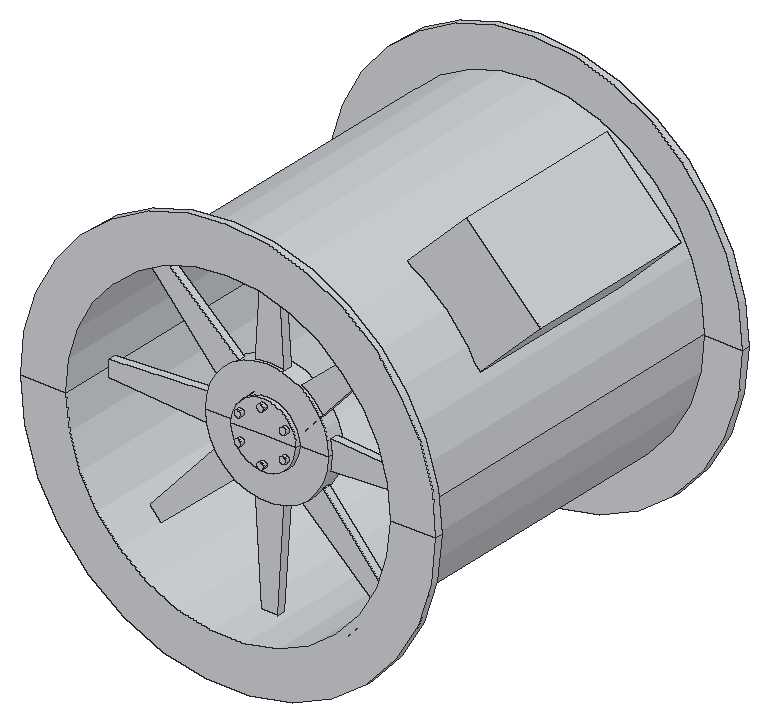
Revit family "CADS_Vent-Axia_MechEquip_Fan_LCA_250_3Ph4P - SUPPLY", category Mechanical Equipment, Revit 2020
Family settings
  Round Connector Dimension = Use Diameter
  Part Type = Normal
  OmniClass Number = 23.75.00.00
  OmniClass Title = Climate Control (HVAC)
  Work Plane-Based = No
  Always vertical = Yes
  Cut with Voids When Loaded = No
  Shared = No
  Room Calculation Point = No
Parameters (values of type "LCA253425")
  nr = NominalDiameter / 2  # 125 mm
  WorkingPressure = 0.0 Pa
  WarrantyStartDate [instance] = "1900-12-31T23:59:59"
  WarrantyPeriod = ""
  WarrantyIdentifier = "N/A"
  WarrantyGuarantorParts = "tech@vent-axia.com"
  WarrantyGuarantorLabor = "tech@vent-axia.com"
  WarrantyGuarantor = "Vent-Axia Limited"
  WarrantyEndDate [instance] = "1900-12-31T23:59:59"
  WarrantyContent = ""
  TemperatureRange = ""
  TagNumber [instance] = "N/A"
  SustainabilityPerformance = ""
  Status = "New"
  Size = ""
  Shape = ""
  ServiceLifeType = ""
  ServiceLifeDuration = ""
  SerialNumber [instance] = "N/A"
  ReplacementCost = ""
  RatedVoltage = 0 V
  RatedCurrent = 0 A
  Quantity = 1
  ProductionYear = ""
  PressureCurve = ""
  PowerFactor = ""
  PointOfContact = ""
  NumberOfPoles = 0
  NominalWidth = 250 mm
  NominalLength = 300 mm
  NominalHeight = 250 mm
  NominalFrequencyRange = ""
  NominalDiameter = 250 mm
  ModelReference = "LCAX 250mm 3PH 4P 25DEG"
  ModelNumber = "LCA253425"
  Material = ""
  ManufacturerE-Mail = "tech@vent-axia.com"
  ManufacturerAddress = "Fleming Way\nCrawley \nRH10 9YX"
  IsExtendedWarranty = no
  InsulationStandardClass = ""
  InstallationDate [instance] = "1900-12-31T23:59:59"
  IfcExportType [instance] = ""
  IfcExportAs = "IfcFanType"
  IP_Code = ""
  HasProtectiveEarth = no
  GrossWeight = 0.00 kg
  Grade = ""
  GlobalTradeItemNumber [instance] = "N/A"
  Fitting Type = "Ignore"
  Finish = ""
  Features = ""
  ExteriorInsulation = no
  ExpectedServiceLife = 0
  Exclusions = ""
  DurationUnit = "Year"
  Default Elevation = 0 mm
  Constituents = ""
  ConductorFunction = ""
  Color = ""
  CodePerformance = ""
  Category = ""
  CADS_Usage = 0
  CADS_Index = 0
  AssetType = "FIXED"
  AssetIdentifier [instance] = "N/A"
  AssemblyPlace = "UNKNOWN"
  ArticleNumber [instance] = "N/A"
  AirflowRateRange = 0.0 L/s
  Air Flow [instance] = 0.0 L/s
  AccessibilityPerformance = ""
Types (5, lengths in mm): name | ModelReference | ModelNumber
  LCA253425 | "LCAX 250mm 3PH 4P 25DEG" | "LCA253425"
  LCA253430 | "LCAX 250mm 3PH 4P 30DEG" | "LCA253430"
  LCA253435 | "LCAX 250mm 3PH 4P 35DEG" | "LCA253435"
  LCA253440 | "LCAX 250mm 3PH 4P 40DEG" | "LCA253440"
  LCA253445 | "LCAX 250mm 3PH 4P 45DEG" | "LCA253445"
Reference planes
  plane 1 "Center (Front/Back)": y = 0
  plane 2: z = 0
  plane 3 "Center (Left/Right)": x = 0
  plane 4: x = -125
  plane 5: x = 125
  plane 6 "F": y = -150
  plane 7 "B": y = 150
  plane 8: x = -160
  plane 9: y = 145
  plane 10: y = -145
  plane 11: x = -130
  plane 12: y = -110
  plane 13 "top": z = 125
  plane 14: z = -125
  plane 15 "45deg": through (0, -1524, 0) normal (-0.7071, 0, -0.7071)
  plane 16 "C": through (0, -1524, 0) normal (-0.7071, 0, 0.7071)
Forms (mm)
  Revolve 1, solid
    sketch origin (0, 0, 0) x (1, 0, 0) y (0, 1, 0)
      loop
        line (-160, -150) -> (-125, -150) -> (-125, 150) -> (-160, 150) -> (-160, 145) -> (-130, 145) -> (-130, -145) -> (-160, -145) -> (-160, -150)
      axis (0, 150) -> (0, -150)
    angle from 0 to 360
  Sweep 2, solid
    path origin (0, 0, 0) x (1, 0, 0) y (0, 0, 1)
      loop
        line (88.388, 88.388) -> (134.35, 134.35)
    profile origin (111.369, 0, 111.369) x (-0.707107, 0, 0.707107) y (0, -1, 0)
      loop
        line (37.5, 55) -> (-42.73, 55) -> (-42.73, -79.5) -> (37.5, -79.5) -> (37.5, 55)
Dimensions and locks
  equal spacing: plane 4, plane 3 "Center (Left/Right)", plane 5
  equal spacing: plane 7 "B", plane 1 "Center (Front/Back)", plane 6 "F"
  "NominalLength": plane 7 "B" to plane 6 "F"
  "NominalDiameter": plane 4 to plane 5
  locked: plane 11 to plane 4 at 5
  locked: plane 8 to plane 11 at 30
  locked: plane 6 "F" to plane 10 at 5
  locked: plane 7 "B" to plane 9 at 5
  locked: plane 6 "F" to plane 12 at 40
  equal spacing: plane 13 "top", level, plane 14
  "NominalDiameter": plane 13 "top" to plane 14
  "nr": Sweep 2 sketch curve to nested 13
  Sweep 2 sketch curve to Sweep 2 sketch curve = 65 mm
  aligned and locked: level to plane 2
  aligned and locked: nested 1 to plane 12
Automatic sketch dimensions
  plane 6 "F" to Revolve 1 sketch curve = 0 mm
  Revolve 1 sketch curve to plane 8 = 0 mm  (x2)
  plane 10 to Revolve 1 sketch curve = 0 mm
  Revolve 1 sketch curve to plane 11 = 0 mm
  Revolve 1 sketch curve to plane 4 = 0 mm
  Revolve 1 sketch curve to plane 3 "Center (Left/Right)" = 0 mm
  plane 1 "Center (Front/Back)" to Revolve 1 sketch curve = 0 mm
  Revolve 1 sketch curve to plane 9 = 0 mm
  Revolve 1 sketch curve to plane 7 "B" = 0 mm
  plane 6 "F" to Revolve 1 sketch curve = 115 mm
  plane 1 "Center (Front/Back)" to Sweep 2 sketch curve = 55 mm
  Sweep 2 sketch curve to profile plane = 37.5 mm
  Sweep 2 sketch curve to Sweep 2 sketch curve = 80.23 mm
  Sweep 2 sketch curve to Sweep 2 sketch curve = 134.5 mm
  Sweep 2 sketch curve to plane 16 "C" = 0 mm  (x2)
Nested families
  nested 1: "Fan for ESC" at (0, -110, 0), ND <- "NominalDiameter", type "Fan for ESC"
    with hub 25 mm, ND 250 mm, BoltPCD 20 mm, Bolt Count 6, B_Diam 5 mm
  nested 2: "Bolts" at (17.321, -119.172, -10) x (-0.5, 0, -0.866) z (0, 1, 0), type "Bolts"
    with bd 5 mm
  nested 3: "Bolts" at (0, -119.172, -20) x (-1, 0, 0) z (0, 1, 0), type "Bolts"
    with bd 5 mm
  nested 4: "Bolts" at (-17.321, -119.172, -10) x (-0.5, 0, 0.866) z (0, 1, 0), type "Bolts"
    with bd 5 mm
  nested 5: "Bolts" at (-17.321, -119.172, 10) x (0.5, 0, 0.866) z (0, 1, 0), type "Bolts"
    with bd 5 mm
  nested 6: "Bolts" at (17.321, -119.172, 10) x (0.5, 0, -0.866) z (0, 1, 0), type "Bolts"
    with bd 5 mm
  nested 7: "Bolts" at (0, -119.172, 20) x (1, 0, 0) z (0, 1, 0), type "Bolts"
    with bd 5 mm
  nested 8: "ESC Blade" at (0, -110, 0), type "ESC Blade"
    with a 20.00°, HR 25 mm, HD 50 mm, BT 12.5 mm, BR 100 mm, BH 40 mm, BD 250 mm, BB 25 mm
  nested 9: "ESC Blade" at (0, -110, 0) x (0.7071, 0, -0.7071) z (0.7071, 0, 0.7071), type "ESC Blade"
    with a 20.00°, HR 25 mm, HD 50 mm, BT 12.5 mm, BR 100 mm, BH 40 mm, BD 250 mm, BB 25 mm
  nested 10: "ESC Blade" at (0, -110, 0) x (0, 0, -1) z (1, 0, 0), type "ESC Blade"
    with a 20.00°, HR 25 mm, HD 50 mm, BT 12.5 mm, BR 100 mm, BH 40 mm, BD 250 mm, BB 25 mm
  nested 11: "ESC Blade" at (0, -110, 0) x (-0.7071, 0, -0.7071) z (0.7071, 0, -0.7071), type "ESC Blade"
    with a 20.00°, HR 25 mm, HD 50 mm, BT 12.5 mm, BR 100 mm, BH 40 mm, BD 250 mm, BB 25 mm
  nested 12: "ESC Blade" at (0, -110, 0) x (-1, 0, 0) z (0, 0, -1), type "ESC Blade"
    with a 20.00°, HR 25 mm, HD 50 mm, BT 12.5 mm, BR 100 mm, BH 40 mm, BD 250 mm, BB 25 mm
  nested 13: "ESC Blade" at (0, -110, 0) x (-0.7071, 0, -0.7071) z (-0.7071, 0, 0.7071), type "ESC Blade"
    with a 20.00°, HR 25 mm, HD 50 mm, BT 12.5 mm, BR 100 mm, BH 40 mm, BD 250 mm, BB 25 mm
  nested 14: "ESC Blade" at (0, -110, 0) x (0, 0, -1) z (-1, 0, 0), type "ESC Blade"
    with a 20.00°, HR 25 mm, HD 50 mm, BT 12.5 mm, BR 100 mm, BH 40 mm, BD 250 mm, BB 25 mm
  nested 15: "ESC Blade" at (0, -110, 0) x (0.7071, 0, -0.7071) z (-0.7071, 0, -0.7071), type "ESC Blade"
    with a 20.00°, HR 25 mm, HD 50 mm, BT 12.5 mm, BR 100 mm, BH 40 mm, BD 250 mm, BB 25 mm
Connectors
  hvac at (0, -150, 0), driven by "NominalDiameter", driven by "Air Flow"
    settings: on Revolve 1, index 1, duct flow 0.0 L/s, flow factor 0, pres drop 0.0 Pa, loss coef 0, conn angle 0.00°, conn width 304.8 mm, conn height 304.8 mm, conn diameter 250 mm, duct sys type 1, conn prof type 0, flow config 1, flow direction 1, loss method 0, conn ref index -1, conn util no, is conn primary yes, conn desc ""
  hvac at (0, 150, 0), driven by "NominalDiameter", driven by "Air Flow"
    settings: on Revolve 1, index 2, duct flow 0.0 L/s, flow factor 0, pres drop 0.0 Pa, loss coef 0, conn angle 0.00°, conn width 304.8 mm, conn height 304.8 mm, conn diameter 250 mm, duct sys type 1, conn prof type 0, flow config 0, flow direction 2, loss method 0, conn ref index -1, conn util no, is conn primary no, conn desc ""
Definition of nested family "Fan for ESC"
  Parameters (values of type "Fan for ESC")
    hub [instance] = ND / 10  # 56.7 mm
    ND [instance] = 567 mm
    Model = "."
    Default Elevation = 0 mm
    BoltPCD [instance] = hub - (hub * 0.2)  # 45.36 mm
    Bolt Count [instance] = if(hub < 50 mm, 6, 8)  # 8
    B_Diam [instance] = if(hub < 50 mm, 5 mm, 10 mm)  # 10 mm
  Reference planes
    plane 1 "Center (Front/Back)": y = 0
    plane 2: z = 0
    plane 3 "Center (Left/Right)": x = 0
    plane 4 "back": y = 20
    plane 5 "bolts": y = -9.172
    plane 6 "B": z = 56.7
    plane 7: x = -79.287
    plane 8: x = -56.7
    plane 9 "hubface": y = -6.172
  Forms (mm)
    Revolve 1, solid
      sketch origin (0, 0, 0) x (1, 0, 0) y (0, 1, 0)
        loop
          line (0, 20) -> (-56.7, 20) -> (-56.7, 10.504) -> (-79.287, 10.504) -> (-79.287, -2.597) -> (-56.7, -2.597) -> (-56.7, -6.172) -> (0, -6.172) -> (0, 20)
        axis (0, 20) -> (0, -6.172)
      angle from 0 to 360
    Extrusion 2, solid, not visible
      sketch origin (0, -6.347, -4) x (-1, 0, 0) y (0, 0, 1)
        loop
          circle (0, 84) r 5
      from 0 to 3
  Lines and regions (mm)
    symbolic lines
      curve 1: circle (0, -9.172, 0) r 45.36 normal (0, 1, 0)
    model lines, not visible
      curve 2: line (0, -6.347, 85) -> (0, -6.347, 75)
  Dimensions and locks
    "hub": plane 6 "B" to plane 2
    "hub": nested 3 to plane 3 "Center (Left/Right)"
    "hub": nested 4 to plane 3 "Center (Left/Right)"
    "hub": nested 5 to plane 3 "Center (Left/Right)"
    "hub": plane 3 "Center (Left/Right)" to nested 6
    "hub": Revolve 1 sketch curve to Revolve 1 sketch curve
    "hub": plane 3 "Center (Left/Right)" to nested 7
    "hub": plane 3 "Center (Left/Right)" to nested 8
    "hub": plane 3 "Center (Left/Right)" to nested 9
    "hub": plane 8 to plane 3 "Center (Left/Right)"
    plane 7 to plane 8 = 22.587 mm
    diameter of Extrusion 2 sketch curve = 10 mm
    "BoltPCD": radius of curve 1
    "BoltPCD": radius of radial array
    aligned and locked: level to plane 2
    aligned and locked: plane 6 "B" to nested 1
  Automatic sketch dimensions
    Revolve 1 sketch curve to plane 7 = 0 mm
    Revolve 1 sketch curve to plane 8 = 0 mm  (x2)
    Revolve 1 sketch curve to plane 3 "Center (Left/Right)" = 0 mm
    Revolve 1 sketch curve to plane 9 "hubface" = 0 mm
    plane 4 "back" to Revolve 1 sketch curve = 0 mm
    plane 1 "Center (Front/Back)" to Revolve 1 sketch curve = 2.597 mm
    plane 4 "back" to Revolve 1 sketch curve = 9.496 mm
    Revolve 1 sketch curve to Revolve 1 sketch curve = 5 mm
    Revolve 1 sketch curve to plane 4 "back" = 45 mm
    curve 1 to level = 0 mm
    curve 1 to plane 3 "Center (Left/Right)" = 0 mm
  Nested families
    nested 1: "ESC Blade" at (0, 0, 0), BD <- "ND", HD <- "hub", type "ESC Blade"
      with a 20.00°, HR 56.7 mm, HD 113.4 mm, BT 28.35 mm, BR 226.8 mm, BH 40 mm, BD 567 mm, BB 56.7 mm
    nested 2: "ESC Blade" at (0, 0, 755), BD <- "ND", HD <- "hub", type "ESC Blade", not visible
      with a 20.00°, HR 56.7 mm, HD 113.4 mm, BT 28.35 mm, BR 226.8 mm, BH 40 mm, BD 567 mm, BB 56.7 mm
    nested 3: "ESC Blade" at (0, 0, 0) x (0.7071, 0, -0.7071) z (0.7071, 0, 0.7071), BD <- "ND", HD <- "hub", type "ESC Blade"
      with a 20.00°, HR 56.7 mm, HD 113.4 mm, BT 28.35 mm, BR 226.8 mm, BH 40 mm, BD 567 mm, BB 56.7 mm
    nested 4: "ESC Blade" at (0, 0, 0) x (0, 0, -1) z (1, 0, 0), BD <- "ND", HD <- "hub", type "ESC Blade"
      with a 20.00°, HR 56.7 mm, HD 113.4 mm, BT 28.35 mm, BR 226.8 mm, BH 40 mm, BD 567 mm, BB 56.7 mm
    nested 5: "ESC Blade" at (0, 0, 0) x (-0.7071, 0, -0.7071) z (0.7071, 0, -0.7071), BD <- "ND", HD <- "hub", type "ESC Blade"
      with a 20.00°, HR 56.7 mm, HD 113.4 mm, BT 28.35 mm, BR 226.8 mm, BH 40 mm, BD 567 mm, BB 56.7 mm
    nested 6: "ESC Blade" at (0, 0, 0) x (-1, 0, 0) z (0, 0, -1), BD <- "ND", HD <- "hub", type "ESC Blade"
      with a 20.00°, HR 56.7 mm, HD 113.4 mm, BT 28.35 mm, BR 226.8 mm, BH 40 mm, BD 567 mm, BB 56.7 mm
    nested 7: "ESC Blade" at (0, 0, 0) x (-0.7071, 0, -0.7071) z (-0.7071, 0, 0.7071), BD <- "ND", HD <- "hub", type "ESC Blade"
      with a 20.00°, HR 56.7 mm, HD 113.4 mm, BT 28.35 mm, BR 226.8 mm, BH 40 mm, BD 567 mm, BB 56.7 mm
    nested 8: "ESC Blade" at (0, 0, 0) x (0, 0, -1) z (-1, 0, 0), BD <- "ND", HD <- "hub", type "ESC Blade"
      with a 20.00°, HR 56.7 mm, HD 113.4 mm, BT 28.35 mm, BR 226.8 mm, BH 40 mm, BD 567 mm, BB 56.7 mm
    nested 9: "ESC Blade" at (0, 0, 0) x (0.7071, 0, -0.7071) z (-0.7071, 0, -0.7071), BD <- "ND", HD <- "hub", type "ESC Blade"
      with a 20.00°, HR 56.7 mm, HD 113.4 mm, BT 28.35 mm, BR 226.8 mm, BH 40 mm, BD 567 mm, BB 56.7 mm
    nested 10: "Bolts" at (0, -9.172, 45.36) x (1, 0, 0) z (0, 1, 0), bd <- "B_Diam", type "Bolts"
      with bd 10 mm
    nested 11: "Bolts" at (32.074, -9.172, 32.074) x (0.7071, 0, -0.7071) z (0, 1, 0), bd <- "B_Diam", type "Bolts"
      with bd 10 mm
    nested 12: "Bolts" at (-32.074, -9.172, 32.074) x (0.7071, 0, 0.7071) z (0, 1, 0), bd <- "B_Diam", type "Bolts"
      with bd 10 mm
    nested 13: "Bolts" at (-45.36, -9.172, 0) x (0, 0, 1) z (0, 1, 0), bd <- "B_Diam", type "Bolts"
      with bd 10 mm
    nested 14: "Bolts" at (-32.074, -9.172, -32.074) x (-0.7071, 0, 0.7071) z (0, 1, 0), bd <- "B_Diam", type "Bolts"
      with bd 10 mm
    nested 15: "Bolts" at (0, -9.172, -45.36) x (-1, 0, 0) z (0, 1, 0), bd <- "B_Diam", type "Bolts"
      with bd 10 mm
    nested 16: "Bolts" at (32.074, -9.172, -32.074) x (-0.7071, 0, -0.7071) z (0, 1, 0), bd <- "B_Diam", type "Bolts"
      with bd 10 mm
    nested 17: "Bolts" at (45.36, -9.172, 0) x (0, 0, -1) z (0, 1, 0), bd <- "B_Diam", type "Bolts"
      with bd 10 mm
  Definition of nested family "ESC Blade"
    Parameters (values of type "ESC Blade")
      a [instance] = 20.00°
      HR [instance] = HD / 2  # 30 mm
      HD [instance] = BD / 5  # 60 mm
      Default Elevation = 1219.2 mm
      BT [instance] = BD / 20  # 15 mm
      BR [instance] = (BD / 2) - HR  # 120 mm
      BH [instance] = 40 mm
      BD [instance] = 300 mm
      BB [instance] = BD / 10  # 30 mm
    Reference planes
      plane 1 "Center (Front/Back)": y = 0
      plane 2: z = 0
      plane 3 "Center (Left/Right)": x = 0
      plane 4 "Blade Bot": z = 30
      plane 5: x = -15
      plane 6: x = 15
      plane 7: x = -7.5
      plane 8: x = 7.5
    Forms (mm)
      Blend 1, solid
        base sketch origin (0, 0, 30) x (-1, 0, 0) y (0, -1, 0)
          loop
            line (15, 0) -> (-15, 0) -> (-15, -6) -> (15, -6) -> (15, 0)
        top sketch origin (0, 0, 30) x (-1, 0, 0) y (0, -1, 0)
          loop
            line (7.5, -6) -> (7.5, 0) -> (-7.5, 0) -> (-7.5, -6) -> (7.5, -6)
        from 0 to 120 <- "BR"
    Dimensions and locks
      "HR": plane 4 "Blade Bot" to level
      equal spacing: plane 8, plane 3 "Center (Left/Right)", plane 7
      "BT": plane 8 to plane 7
      equal spacing: plane 6, plane 3 "Center (Left/Right)", plane 5
      "BB": plane 6 to plane 5
      aligned and locked: level to plane 2
    Automatic sketch dimensions
      plane 1 "Center (Front/Back)" to Blend 1 sketch curve = 0 mm  (x2)
      Blend 1 sketch curve to plane 6 = 0 mm
      Blend 1 sketch curve to plane 5 = 0 mm
      Blend 1 sketch curve to plane 1 "Center (Front/Back)" = 6 mm  (x2)
      Blend 1 sketch curve to plane 8 = 0 mm
      Blend 1 sketch curve to plane 7 = 0 mm
  Definition of nested family "Bolts"
    Parameters
      bd [instance] = 10 mm
      Default Elevation = 1219.2 mm
    Reference planes
      plane 1 "Center (Front/Back)": y = 0
      plane 2: z = 0
      plane 3 "Center (Left/Right)": x = 0
    Forms (mm)
      Extrusion 1, solid
        sketch origin (0, 0, 0) x (1, 0, 0) y (0, 1, 0)
          loop
            line (-1219.2, 1219.2) -> (-1219.2, -1219.2) -> (1219.2, -1219.2) -> (1219.2, 1219.2) -> (-1219.2, 1219.2)
        from 0 to -304.8
      Extrusion 2, solid
        sketch origin (0, 0, 0) x (1, 0, 0) y (0, 1, 0)
          loop
            circle (0, 0) r 5
        from 0 to 3
    Dimensions and locks
      "bd": diameter of Extrusion 2 sketch curve
      aligned and locked: plane 2 to Extrusion 1
      aligned and locked: level to Extrusion 1
    Automatic sketch dimensions
      Extrusion 1 sketch curve to Extrusion 1 sketch curve = 2438.4 mm  (x2)
      plane 1 "Center (Front/Back)" to Extrusion 2 sketch curve = 0 mm
      Extrusion 2 sketch curve to plane 3 "Center (Left/Right)" = 0 mm
Definition of nested family "Bolts"
  Parameters
    bd [instance] = 10 mm
    Default Elevation = 1219.2 mm
  Reference planes
    plane 1 "Center (Front/Back)": y = 0
    plane 2: z = 0
    plane 3 "Center (Left/Right)": x = 0
  Forms (mm)
    Extrusion 1, solid
      sketch origin (0, 0, 0) x (1, 0, 0) y (0, 1, 0)
        loop
          line (-1219.2, 1219.2) -> (-1219.2, -1219.2) -> (1219.2, -1219.2) -> (1219.2, 1219.2) -> (-1219.2, 1219.2)
      from 0 to -304.8
    Extrusion 2, solid
      sketch origin (0, 0, 0) x (1, 0, 0) y (0, 1, 0)
        loop
          circle (0, 0) r 5
      from 0 to 3
  Dimensions and locks
    "bd": diameter of Extrusion 2 sketch curve
    aligned and locked: plane 2 to Extrusion 1
    aligned and locked: level to Extrusion 1
  Automatic sketch dimensions
    Extrusion 1 sketch curve to Extrusion 1 sketch curve = 2438.4 mm  (x2)
    plane 1 "Center (Front/Back)" to Extrusion 2 sketch curve = 0 mm
    Extrusion 2 sketch curve to plane 3 "Center (Left/Right)" = 0 mm
Definition of nested family "ESC Blade"
  Parameters (values of type "ESC Blade")
    a [instance] = 20.00°
    HR [instance] = HD / 2  # 30 mm
    HD [instance] = BD / 5  # 60 mm
    Default Elevation = 1219.2 mm
    BT [instance] = BD / 20  # 15 mm
    BR [instance] = (BD / 2) - HR  # 120 mm
    BH [instance] = 40 mm
    BD [instance] = 300 mm
    BB [instance] = BD / 10  # 30 mm
  Reference planes
    plane 1 "Center (Front/Back)": y = 0
    plane 2: z = 0
    plane 3 "Center (Left/Right)": x = 0
    plane 4 "Blade Bot": z = 30
    plane 5: x = -15
    plane 6: x = 15
    plane 7: x = -7.5
    plane 8: x = 7.5
  Forms (mm)
    Blend 1, solid
      base sketch origin (0, 0, 30) x (-1, 0, 0) y (0, -1, 0)
        loop
          line (15, 0) -> (-15, 0) -> (-15, -6) -> (15, -6) -> (15, 0)
      top sketch origin (0, 0, 30) x (-1, 0, 0) y (0, -1, 0)
        loop
          line (7.5, -6) -> (7.5, 0) -> (-7.5, 0) -> (-7.5, -6) -> (7.5, -6)
      from 0 to 120 <- "BR"
  Dimensions and locks
    "HR": plane 4 "Blade Bot" to level
    equal spacing: plane 8, plane 3 "Center (Left/Right)", plane 7
    "BT": plane 8 to plane 7
    equal spacing: plane 6, plane 3 "Center (Left/Right)", plane 5
    "BB": plane 6 to plane 5
    aligned and locked: level to plane 2
  Automatic sketch dimensions
    plane 1 "Center (Front/Back)" to Blend 1 sketch curve = 0 mm  (x2)
    Blend 1 sketch curve to plane 6 = 0 mm
    Blend 1 sketch curve to plane 5 = 0 mm
    Blend 1 sketch curve to plane 1 "Center (Front/Back)" = 6 mm  (x2)
    Blend 1 sketch curve to plane 8 = 0 mm
    Blend 1 sketch curve to plane 7 = 0 mm
